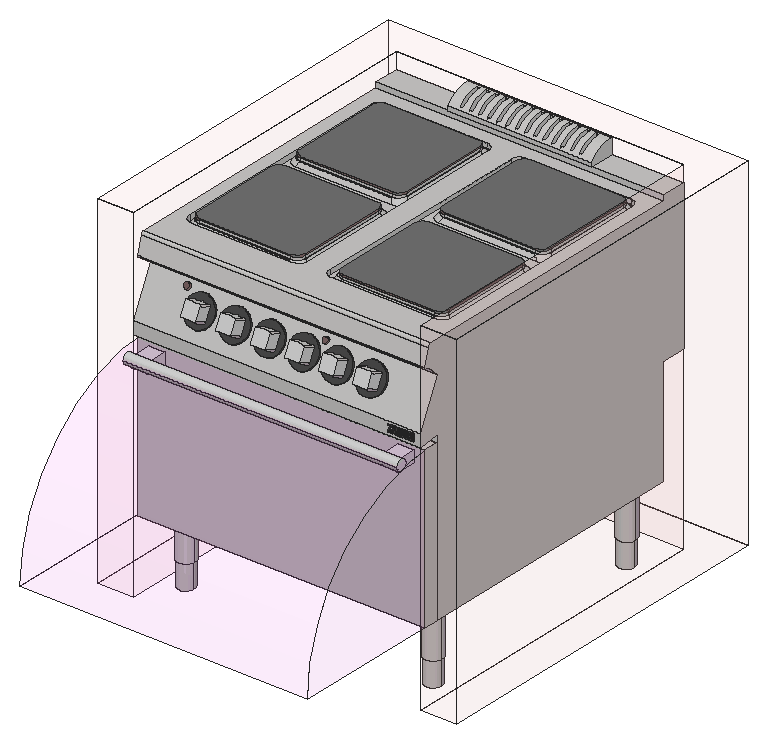
Revit family "QF_ZANUSSI_392167_Z9ECEH4QEN", category Attrezzature speciali, Revit 2020
Family settings
  Quota connettore circolare = Usa diametro
  Tipo di parte = Normale
  Basato su piano di lavoro = No
  Sempre verticale = Sì
  Taglio con vuoti quando caricato = No
  Condiviso = No
  Punto di calcolo locali = No
Parameters (values of type "Standard")
  Weight = 145.00 kg
  Watts = 22000 W
  Volts = 230 V
  URL Manufacturer = "http://www.zanussiprofessional.com"
  URL = "http://www.zanussiprofessional.com"
  Steam Supply Size = 0 mm
  Steam Supply Minimum Pressure = 0.0 Pa
  Steam Supply Maximum Pressure = 0.0 Pa
  Steam Consumption per Hour = 0
  Show Logo [instance] = yes
  Show Clearance [instance] = yes
  Refrigeration Suction Line Size = 0 mm
  Refrigeration Liquid Line Size = 0 mm
  Refrigerant Compressor Remote = yes
  Prospetto di default = 0 mm
  Produttore = "Zanussi"
  Phase = 3
  Modello = "Z9ECEH4QEN"
  Length Actual = 800 mm  # constant formula
  Item Number = "392167"
  Hot Water Size = 0 mm
  Height Actual = 850 mm  # constant formula
  HP = "29.5 HP"
  Gas Size = 0 mm
  Gas KW = 0
  Gas Input Pressure = 0 W
  Direct Waste Size = 0 mm
  Descrizione = "4-HOT PLATE ELEC.RANGE+OVEN 800 MM-230V"
  Depth Actual = 900 mm  # constant formula
  Cycle = 50 Hz
  Condensate Return Size = 0 mm
  Compressed Air Volume = 0.0 L/s
  Compressed Air Size = 0 mm
  Compressed Air Pressure = 0.0 Pa
  Cold Water Size = 0 mm
  Accessory = yes
Reference planes
  plane 1 "Back": y = 0
  plane 2: z = 0
  plane 3 "Left": x = 0
  plane 4: x = 800
  plane 5: x = 900
  plane 6: x = -100
  plane 7: y = 100
  plane 8: x = 400
  plane 9: y = -915
  plane 10: y = -802
  plane 11: y = -128
  plane 12: z = 850
Forms (mm)
  Extrusion 1, solid, material "QF_Finishes_Clearance", visible <- "Show Clearance"
    sketch origin (0, 0, 0) x (1, 0, 0) y (0, 1, 0)
      loop
        line (-100, -915) -> (0, -915) -> (0, 0) -> (800, 0) -> (800, -915) -> (900, -915) -> (900, 100) -> (-100, 100) -> (-100, -915)
    from 0 to 960
  Extrusion 2, solid, material "QF_Finishes_Stainless Steel"
    sketch origin (0, 0, 51) x (0, 1, 0) y (0, 0, 1)
      loop
        line (0, 449) -> (0, 864) -> (-69.85, 864) -> (-69.85, 849) -> (-879.358, 849)
        arc (-879.358, 849) -> (-884.643, 846.811) -> (-886.833, 841.526) r 7.474
        line (-886.833, 841.526) -> (-899.884, 796.011)
        arc (-899.884, 796.011) -> (-899.396, 793.379) -> (-897, 792.184) r 3
        line (-897, 792.184) -> (-886.802, 792.184) -> (-854.982, 760.364) -> (-915, 639.508) -> (-915, 604.508) -> (-858.645, 612.428)
        arc (-858.645, 612.428) -> (-856.101, 611.674) -> (-855, 609.259) r 3.2
        line (-855, 609.259) -> (-855, 148) -> (-71, 148) -> (-71, 449) -> (0, 449)
    from 0 to 800
  Extrusion 3, void
    sketch origin (400.525, -3.865, 900) x (1, 0, 0) y (0, -1, 0)
      loop
        arc (-60.425, 104.885) -> (-42.464, 112.324) -> (-35.025, 130.285) r 25.4
        line (-35.025, 130.285) -> (-35.025, 759.845)
        arc (-35.025, 759.845) -> (-42.464, 777.805) -> (-60.425, 785.245) r 25.4
        line (-60.425, 785.245) -> (-339.575, 785.245)
        arc (-339.575, 785.245) -> (-357.536, 777.805) -> (-364.975, 759.845) r 25.4
        line (-364.975, 759.845) -> (-364.975, 130.285)
        arc (-364.975, 130.285) -> (-357.536, 112.324) -> (-339.575, 104.885) r 25.4
        line (-339.575, 104.885) -> (-60.425, 104.885)
    from 0 to 12.7
  Revolve 4, solid, material "QF_Finishes_Door Clearance", visible <- "Show Clearance"
    sketch origin (0, -863.75, 50) x (1, 0, 0) y (0, 0, 1)
      loop
        line (0, 594) -> (0, 149) -> (800, 149) -> (800, 594) -> (0, 594)
      axis (800, 149) -> (0, 149)
    angle from 0 to -90
  Extrusion 5, solid, material "QF_Finishes_Stainless Steel"
    sketch origin (0, 0, 50) x (0, 1, 0) y (0, 0, 1)
      loop
        line (-860, 149) -> (-860, 594) -> (-900, 594) -> (-900, 149) -> (-860, 149)
    from 0 to 800
  Extrusion 6, solid, material "QF_Finishes_Stainless Steel"
    sketch origin (1046.332, -569.286, 197) x (1, 0, 0) y (0, 1, 0)
      loop
        line (-302.282, -178.714) -> (-302.282, -198.714) -> (-282.282, -198.714) -> (-282.282, -178.714) -> (-302.282, -178.714)
    from 0 to 2
  Extrusion 7, void
    sketch origin (399.475, -3.865, 899.031) x (1, 0, 0) y (0, -1, 0)
      loop
        line (50.925, 104.885) -> (339.575, 104.885)
        arc (339.575, 104.885) -> (357.536, 112.324) -> (364.975, 130.285) r 25.4
        line (364.975, 130.285) -> (364.975, 759.845)
        arc (364.975, 759.845) -> (357.536, 777.805) -> (339.575, 785.245) r 25.4
        line (339.575, 785.245) -> (50.925, 785.245)
        arc (50.925, 785.245) -> (32.964, 777.805) -> (25.525, 759.845) r 25.4
        line (25.525, 759.845) -> (25.525, 130.285)
        arc (25.525, 130.285) -> (32.964, 112.324) -> (50.925, 104.885) r 25.4
    from -0.969 to 11.731
Cuts and joins
  Extrusion 3, Extrusion 7 cuts Extrusion 2
Dimensions and locks
  plane 3 "Left" to plane 4 = 800 mm
  plane 1 "Back" to plane 7 = 100 mm
  plane 4 to plane 5 = 100 mm
  plane 6 to plane 3 "Left" = 100 mm
  equal spacing: plane 3 "Left", plane 8, plane 4
  plane 1 "Back" to plane 9 = 915 mm
  plane 1 "Back" to plane 11 to plane 10 to Extrusion 1 = 128 mm, 674 mm, 113 mm
  plane 12 to level = 850 mm
  cut or joined group of Extrusion 2, Extrusion 3, Extrusion 7 to level = 900 mm
  aligned and locked: level to plane 2
Automatic sketch dimensions
  Extrusion 1 sketch curve to plane 6 = 0 mm
  Extrusion 1 sketch curve to plane 3 "Left" = 0 mm
  plane 1 "Back" to Extrusion 1 sketch curve = 0 mm
  Extrusion 1 sketch curve to plane 4 = 0 mm
  Extrusion 1 sketch curve to plane 5 = 0 mm
  Extrusion 1 sketch curve to plane 9 = 0 mm  (x2)
  Extrusion 1 sketch curve to plane 7 = 0 mm
  Extrusion 2 sketch curve to plane 9 = 0 mm
  Extrusion 2 sketch curve to plane 1 "Back" = 0 mm
  plane 12 to Extrusion 2 sketch curve = 2.989 mm
  plane 9 to Extrusion 2 sketch curve = 15.116 mm
  Extrusion 2 sketch curve to Extrusion 2 sketch curve = 2.884 mm
  plane 9 to Extrusion 2 sketch curve = 28.167 mm
  plane 12 to Extrusion 2 sketch curve = 6.816 mm
  Extrusion 2 sketch curve to Extrusion 2 sketch curve = 10.198 mm
  Extrusion 2 sketch curve to Extrusion 2 sketch curve = 7.474 mm
  plane 9 to Extrusion 2 sketch curve = 56.355 mm
  Extrusion 2 sketch curve to Extrusion 2 sketch curve = 0.445 mm
  Extrusion 2 sketch curve to plane 10 = 53 mm
  Extrusion 2 sketch curve to Extrusion 2 sketch curve = 31.82 mm
  plane 11 to Extrusion 2 sketch curve = 57 mm
  plane 11 to Extrusion 2 sketch curve = 58.15 mm
  plane 12 to Extrusion 2 sketch curve = 38.636 mm
  Extrusion 2 sketch curve to Extrusion 2 sketch curve = 120.856 mm
  Extrusion 2 sketch curve to Extrusion 2 sketch curve = 27.08 mm
  Extrusion 2 sketch curve to Extrusion 2 sketch curve = 35 mm
  plane 12 to Extrusion 2 sketch curve = 350 mm
  level to Extrusion 2 sketch curve = 199 mm
  Extrusion 2 sketch curve to plane 12 = 42.526 mm
  Extrusion 2 sketch curve to Extrusion 2 sketch curve = 15 mm
  plane 3 "Left" to Extrusion 3 sketch curve = 35.55 mm
  plane 10 to Extrusion 3 sketch curve = 12.89 mm
  Extrusion 3 sketch curve to Extrusion 3 sketch curve = 25.4 mm  (x3)
  plane 11 to Extrusion 3 sketch curve = 19.25 mm
  Extrusion 3 sketch curve to plane 11 = 6.15 mm
  Extrusion 3 sketch curve to plane 8 = 59.9 mm
  Extrusion 3 sketch curve to Extrusion 3 sketch curve = 0 mm
  Revolve 4 sketch curve to plane 3 "Left" = 0 mm
  plane 4 to Revolve 4 sketch curve = 0 mm
  level to Revolve 4 sketch curve = 199 mm  (x2)
  plane 12 to Revolve 4 sketch curve = 206 mm
  plane 6 to Revolve 4 sketch curve = 140 mm
  plane 8 to Revolve 4 sketch curve = 160 mm
  plane 9 to Extrusion 5 sketch curve = 15 mm
  Extrusion 5 sketch curve to Extrusion 5 sketch curve = 40 mm
  level to Extrusion 5 sketch curve = 199 mm
  plane 12 to Extrusion 5 sketch curve = 206 mm
  plane 4 to Extrusion 6 sketch curve = 55.95 mm
  Extrusion 6 sketch curve to Extrusion 6 sketch curve = 20 mm  (x2)
  plane 10 to Extrusion 6 sketch curve = 34 mm
  plane 8 to Extrusion 7 sketch curve = 25 mm
  plane 10 to Extrusion 7 sketch curve = 12.89 mm
  Extrusion 7 sketch curve to Extrusion 7 sketch curve = 25.4 mm  (x2)
  plane 11 to Extrusion 7 sketch curve = 19.25 mm
  plane 4 to Extrusion 7 sketch curve = 60.95 mm  (x2)
  Extrusion 7 sketch curve to plane 11 = 6.15 mm
Nested families
  nested 1: "SQUARE_HOT-PLATES_300" at (40.525, -113.898, 887.3), type "SQUARE_HOT-PLATES_300"
    with Specification by User "", Revision Code "", Item Number "", Installed By "", Identify Quantity as Lot yes, Furnished By "", Foodservice Equipment Identifier yes
  nested 2: "SQUARE_HOT-PLATES_300" at (40.525, -785.872, 887.3), type "SQUARE_HOT-PLATES_300"
    with Specification by User "", Revision Code "", Item Number "", Installed By "", Identify Quantity as Lot yes, Furnished By "", Foodservice Equipment Identifier yes
  nested 3: "Uscita_Fumi" at (400, -34.925, 915), type "Uscita_Fumi"
  nested 4: "SQUARE_HOT-PLATES_300" at (759.475, -113.898, 887.3) x (-1, 0, 0) z (0, 0, 1), type "SQUARE_HOT-PLATES_300"
    with Specification by User "", Revision Code "", Item Number "", Installed By "", Identify Quantity as Lot yes, Furnished By "", Foodservice Equipment Identifier yes
  nested 5: "SQUARE_HOT-PLATES_300" at (759.475, -785.872, 887.3) x (-1, 0, 0) z (0, 0, 1), type "SQUARE_HOT-PLATES_300"
    with Specification by User "", Revision Code "", Item Number "", Installed By "", Identify Quantity as Lot yes, Furnished By "", Foodservice Equipment Identifier yes
  nested 6: "CONTROLLER_XP-ZAN" at (211.04, -882.317, 756.321) x (1, 0, 0) z (0, -0.8956, 0.4448), type "CONTROLLER_XP-ZAN"
  nested 7: "CONTROLLER_XP-ZAN" at (206.46, -882.317, 756.321) x (-1, 0, 0) z (0, -0.8956, 0.4448), type "CONTROLLER_XP-ZAN"
  nested 8: "CONTROLLER_XP-ZAN" at (586.46, -882.317, 756.321) x (-1, 0, 0) z (0, -0.8956, 0.4448), type "CONTROLLER_XP-ZAN"
  nested 9: "CONTROLLER_XP-ZAN" at (593.54, -882.317, 756.321) x (1, 0, 0) z (0, -0.8956, 0.4448), type "CONTROLLER_XP-ZAN"
  nested 10: "SPIA_RED" at (110, -863.534, 794.143) x (1, 0, 0) z (0, -0.8956, 0.4448), type "SPIA_RED"
  nested 11: "SPIA_RED" at (495.83, -863.534, 794.143) x (1, 0, 0) z (0, -0.8956, 0.4448), type "SPIA_RED"
  nested 12: "CONTROLLER_XP-ZAN" at (405.2, -882.317, 756.321) x (1, 0, 0) z (0, -0.8956, 0.4448), type "CONTROLLER_XP-ZAN"
  nested 13: "CONTROLLER_XP-ZAN" at (398.12, -882.317, 756.321) x (-1, 0, 0) z (0, -0.8956, 0.4448), type "CONTROLLER_XP-ZAN"
  nested 14: "ZANUSSI_Logo" at (749.92, -915, 723) x (1, 0, 0) z (0, -1, 0), Show Logo <- "Show Logo", visible <- "Show Logo", type "ZANUSSI_Logo"
    with Show Logo yes
  nested 15: "MANIGLIA 760" at (400, -900, 616.5) x (1, 0, 0) z (0, -1, 0), type "MANIGLIA 760"
  nested 16: "Piedino 50xH200_par" at (56, -127.993, 0), type "Piedino 50xH200_par"
    with H 200 mm
  nested 17: "Piedino 50xH200_par" at (744, -127.993, 0), type "Piedino 50xH200_par"
    with H 200 mm
  nested 18: "Piedino 50xH200_par" at (744, -801.993, 0), type "Piedino 50xH200_par"
    with H 200 mm
  nested 19: "Piedino 50xH200_par" at (56, -801.993, 0), type "Piedino 50xH200_par"
    with H 200 mm
Connectors
  electrical at (754.05, -758, 197), driven by "Volts"
    settings: on Extrusion 6, index 12, voltage 230 V, apparent load 0 VA, apparent load phase1 0 VA, apparent load phase2 0 VA, apparent load phase3 0 VA, power factor 1, load classification "Altro", number of poles 1, system type 30, power factor state 1, is connector primary yes, connector utility no, sub classification motor no, connector description "Electrical Connection"
Definition of nested family "SQUARE_HOT-PLATES_300"
  Parameters (values of type "SQUARE_HOT-PLATES_300")
    Width = 320 mm  # constant formula
    Weight in Pounds = 0
    URL Cutsheet = ""
    URL = ""
    Type Mark [instance] = ""
    Specification by User [instance] = ""
    Specification by Manufacturer = ""
    Serial Number = ""
    Seismic Rating = ""
    SMACNA No = ""
    Revision Code [instance] = ""
    Default Elevation = 0 mm
    Omniclass Number and Title = ""
    NAFEM Spec ID Number = ""
    Model = ""
    Masterspec = ""
    Manufacturer = ""
    Item Number [instance] = ""
    Installed By [instance] = ""
    Identify Quantity as Lot [instance] = yes
    Height = 23 mm  # constant formula
    Furnished By [instance] = ""
    Foodservice Equipment Identifier [instance] = yes
    Description = ""
    Depth = 320 mm  # constant formula
    CSI MasterFormat = ""
    CSI Master Format = ""
    Assembly Code = ""
  Reference planes
    plane 1 "BACK": y = 0
    plane 2: z = 0
    plane 3 "LEFT": x = 0
    plane 4 "RIGHT": x = 320
    plane 5 "FRONT": y = -320
    plane 6 "TOP": z = 23
    plane 7 "Center Y": x = 160
    plane 8 "Center X": y = -160
  Forms (mm)
    Extrusion 1, solid
      sketch origin (-72.525, 113.875, 19.181) x (1, 0, 0) y (0, 1, 0)
        loop
          arc (82.823, -400.573) -> (89.325, -416.271) -> (105.023, -422.773) r 22.2
          line (105.023, -422.773) -> (359.223, -422.773)
          arc (359.223, -422.773) -> (374.921, -416.271) -> (381.423, -400.573) r 22.2
          line (381.423, -400.573) -> (381.423, -146.373)
          arc (381.423, -146.373) -> (374.921, -130.675) -> (359.223, -124.173) r 22.2
          line (359.223, -124.173) -> (105.023, -124.173)
          arc (105.023, -124.173) -> (89.325, -130.675) -> (82.823, -146.373) r 22.2
          line (82.823, -146.373) -> (82.823, -400.573)
      from 0 to 3.819
    Blend 2, solid
      base sketch origin (-72.525, 113.875, 0) x (1, 0, 0) y (0, 1, 0)
        loop
          arc (97.925, -113.875) -> (79.964, -121.314) -> (72.525, -139.275) r 25.4
          line (72.525, -139.275) -> (72.525, -408.475)
          arc (72.525, -408.475) -> (79.964, -426.436) -> (97.925, -433.875) r 25.4
          line (97.925, -433.875) -> (367.125, -433.875)
          arc (367.125, -433.875) -> (385.086, -426.436) -> (392.525, -408.475) r 25.4
          line (392.525, -408.475) -> (392.525, -139.275)
          arc (392.525, -139.275) -> (385.086, -121.314) -> (367.125, -113.875) r 25.4
          line (367.125, -113.875) -> (97.925, -113.875)
      top sketch origin (-72.525, 113.875, 0) x (1, 0, 0) y (0, 1, 0)
        loop
          line (105.023, -425.973) -> (359.223, -425.973)
          arc (359.223, -425.973) -> (377.183, -418.533) -> (384.623, -400.573) r 25.4
          line (384.623, -400.573) -> (384.623, -146.373)
          arc (384.623, -146.373) -> (377.183, -128.412) -> (359.223, -120.973) r 25.4
          line (359.223, -120.973) -> (105.023, -120.973)
          arc (105.023, -120.973) -> (87.062, -128.412) -> (79.623, -146.373) r 25.4
          line (79.623, -146.373) -> (79.623, -400.573)
          arc (79.623, -400.573) -> (87.062, -418.533) -> (105.023, -425.973) r 25.4
      from 0 to 11.731
    Extrusion 3, solid
      sketch origin (-72.525, 113.875, 11.731) x (1, 0, 0) y (0, 1, 0)
        loop
          line (105.023, -422.773) -> (359.223, -422.773)
          arc (359.223, -422.773) -> (374.921, -416.271) -> (381.423, -400.573) r 22.2
          line (381.423, -400.573) -> (381.423, -146.373)
          arc (381.423, -146.373) -> (374.921, -130.675) -> (359.223, -124.173) r 22.2
          line (359.223, -124.173) -> (105.023, -124.173)
          arc (105.023, -124.173) -> (89.325, -130.675) -> (82.823, -146.373) r 22.2
          line (82.823, -146.373) -> (82.823, -400.573)
          arc (82.823, -400.573) -> (89.325, -416.271) -> (105.023, -422.773) r 22.2
      from 0 to 7.45
  Lines and regions (mm)
    symbolic lines
      curve 1: arc (0, -25.4, 0) -> (7.439, -7.439, 0) -> (25.4, 0, 0) r 25.4
      curve 2: line (25.4, 0, 0) -> (294.6, 0, 0)
      curve 3: arc (294.6, 0, 0) -> (312.561, -7.439, 0) -> (320, -25.4, 0) r 25.4
      curve 4: line (320, -25.4, 0) -> (320, -294.6, 0)
      curve 5: line (0, -294.6, 0) -> (0, -25.4, 0)
      curve 6: arc (25.4, -320, 0) -> (7.439, -312.561, 0) -> (0, -294.6, 0) r 25.4
      curve 7: line (294.6, -320, 0) -> (25.4, -320, 0)
      curve 8: arc (320, -294.6, 0) -> (312.561, -312.561, 0) -> (294.6, -320, 0) r 25.4
      curve 9: line (286.698, -7.098, 0) -> (32.498, -7.098, 0)
      curve 10: arc (32.498, -7.098, 0) -> (14.537, -14.537, 0) -> (7.098, -32.498, 0) r 25.4
      curve 11: line (7.098, -32.498, 0) -> (7.098, -286.698, 0)
      curve 12: arc (7.098, -286.698, 0) -> (14.537, -304.658, 0) -> (32.498, -312.098, 0) r 25.4
      curve 13: line (32.498, -312.098, 0) -> (286.698, -312.098, 0)
      curve 14: arc (286.698, -312.098, 0) -> (304.658, -304.658, 0) -> (312.098, -286.698, 0) r 25.4
      curve 15: line (312.098, -286.698, 0) -> (312.098, -32.498, 0)
      curve 16: arc (312.098, -32.498, 0) -> (304.658, -14.537, 0) -> (286.698, -7.098, 0) r 25.4
      curve 17: line (286.698, -10.298, 0) -> (32.498, -10.298, 0)
      curve 18: arc (32.498, -10.298, 0) -> (16.8, -16.8, 0) -> (10.298, -32.498, 0) r 22.2
      curve 19: line (10.298, -32.498, 0) -> (10.298, -286.698, 0)
      curve 20: arc (10.298, -286.698, 0) -> (16.8, -302.396, 0) -> (32.498, -308.898, 0) r 22.2
      curve 21: line (32.498, -308.898, 0) -> (286.698, -308.898, 0)
      curve 22: arc (286.698, -308.898, 0) -> (302.396, -302.396, 0) -> (308.898, -286.698, 0) r 22.2
      curve 23: line (308.898, -286.698, 0) -> (308.898, -32.498, 0)
      curve 24: arc (308.898, -32.498, 0) -> (302.396, -16.8, 0) -> (286.698, -10.298, 0) r 22.2
  Dimensions and locks
    equal spacing: plane 3 "LEFT", plane 7 "Center Y", plane 4 "RIGHT"
    "Width": plane 3 "LEFT" to plane 4 "RIGHT"
    equal spacing: plane 5 "FRONT", plane 8 "Center X", plane 1 "BACK"
    "Depth": plane 5 "FRONT" to plane 1 "BACK"
    plane 1 "BACK" to plane 5 "FRONT" = 320 mm
    "Height": plane 6 "TOP" to level
    aligned and locked: level to plane 2
  Automatic sketch dimensions
    Blend 2 sketch curve to plane 3 "LEFT" = 0 mm
    plane 1 "BACK" to Blend 2 sketch curve = 0 mm
    plane 5 "FRONT" to Blend 2 sketch curve = 0 mm
    Blend 2 sketch curve to plane 4 "RIGHT" = 0 mm
    plane 3 "LEFT" to Blend 2 sketch curve = 25.4 mm  (x2)
    Blend 2 sketch curve to plane 4 "RIGHT" = 25.4 mm  (x2)
    plane 3 "LEFT" to Blend 2 sketch curve = 7.098 mm
    plane 1 "BACK" to Blend 2 sketch curve = 7.098 mm
    plane 3 "LEFT" to Blend 2 sketch curve = 32.498 mm
    Blend 2 sketch curve to Blend 2 sketch curve = 25.4 mm
    Blend 2 sketch curve to plane 5 "FRONT" = 7.902 mm
    Blend 2 sketch curve to plane 4 "RIGHT" = 33.302 mm  (x2)
    Blend 2 sketch curve to plane 4 "RIGHT" = 7.902 mm
    Extrusion 3 sketch curve to Extrusion 3 sketch curve = 22.2 mm
    Extrusion 3 sketch curve to Blend 2 = 25.4 mm
    Extrusion 1 sketch curve to Extrusion 3 = 22.2 mm
    Extrusion 1 sketch curve to Extrusion 1 sketch curve = 22.2 mm
    curve 1 to plane 3 "LEFT" = 0 mm
    plane 1 "BACK" to curve 1 = 0 mm
    plane 3 "LEFT" to curve 1 = 25.4 mm
    curve 2 to plane 4 "RIGHT" = 25.4 mm
    curve 3 to plane 4 "RIGHT" = 0 mm
    curve 4 to plane 5 "FRONT" = 25.4 mm
    curve 5 to plane 5 "FRONT" = 25.4 mm
    plane 5 "FRONT" to curve 6 = 0 mm
    plane 3 "LEFT" to curve 11 = 7.098 mm
    curve 6 to curve 13 = 7.098 mm
    plane 1 "BACK" to curve 10 = 7.098 mm
    curve 1 to curve 10 = 7.098 mm
    curve 14 to curve 7 = 7.902 mm
    curve 16 to curve 3 = 7.902 mm
    curve 16 to plane 4 "RIGHT" = 7.902 mm
    curve 13 to plane 5 "FRONT" = 7.902 mm
    curve 10 to curve 18 = 0 mm  (x2)
    curve 12 to curve 20 = 0 mm  (x2)
    curve 14 to curve 22 = 0 mm  (x2)
    curve 16 to curve 24 = 0 mm
    curve 10 to curve 19 = 3.2 mm
    radius of Extrusion 3 sketch curve to Blend 2 = 3.2 mm  (x2)
    radius of Extrusion 1 sketch curve to Extrusion 3 = 0 mm  (x2)
Definition of nested family "Uscita_Fumi"
  Parameters (values of type "Uscita_Fumi")
    Default Elevation = 1219.2 mm
  Reference planes
    plane 1 "Centro (Fronte/Retro)": y = 0
    plane 2: z = 0
    plane 3 "Centro (Sinistra/Destra)": x = 0
  Forms (mm)
    Extrusion 1, solid
      sketch origin (0, 0, 0) x (1, 0, 0) y (0, 1, 0)
        loop
          line (-1219.2, 1219.2) -> (-1219.2, -1219.2) -> (1219.2, -1219.2) -> (1219.2, 1219.2) -> (-1219.2, 1219.2)
      from 0 to -304.8
    Extrusion 2, solid
      sketch origin (-200, 34.925, -289.638) x (0, 1, 0) y (0, 0, 1)
        loop
          line (0, 289.638) -> (0, 331.738)
          arc (0, 331.738) -> (-38.857, 324.552) -> (-69.85, 300.038) r 82.056
          line (-69.85, 300.038) -> (-69.85, 289.638) -> (0, 289.638)
      from 0 to 400
    Extrusion 3, void
      sketch origin (-200, 34.925, -15) x (0, -1, 0) y (1, 0, 0)
        loop
          line (6.761, 29.703) -> (63.911, 29.703) -> (63.911, 38.999) -> (6.761, 38.999) -> (6.761, 29.703)
        loop
          line (63.911, 64.487) -> (6.761, 64.487) -> (6.761, 55.191) -> (63.911, 55.191) -> (63.911, 64.487)
        loop
          line (63.911, 89.975) -> (6.761, 89.975) -> (6.761, 80.68) -> (63.911, 80.68) -> (63.911, 89.975)
        loop
          line (63.911, 115.464) -> (6.761, 115.464) -> (6.761, 106.168) -> (63.911, 106.168) -> (63.911, 115.464)
        loop
          line (63.911, 140.952) -> (6.761, 140.952) -> (6.761, 131.656) -> (63.911, 131.656) -> (63.911, 140.952)
        loop
          line (63.911, 166.44) -> (6.761, 166.44) -> (6.761, 157.145) -> (63.911, 157.145) -> (63.911, 166.44)
        loop
          line (63.911, 191.929) -> (6.761, 191.929) -> (6.761, 182.633) -> (63.911, 182.633) -> (63.911, 191.929)
        loop
          line (63.911, 217.417) -> (6.761, 217.417) -> (6.761, 208.121) -> (63.911, 208.121) -> (63.911, 217.417)
        loop
          line (63.911, 242.905) -> (6.761, 242.905) -> (6.761, 233.61) -> (63.911, 233.61) -> (63.911, 242.905)
        loop
          line (63.911, 268.394) -> (6.761, 268.394) -> (6.761, 259.098) -> (63.911, 259.098) -> (63.911, 268.394)
        loop
          line (63.911, 293.882) -> (6.761, 293.882) -> (6.761, 284.586) -> (63.911, 284.586) -> (63.911, 293.882)
        loop
          line (63.911, 319.37) -> (6.761, 319.37) -> (6.761, 310.075) -> (63.911, 310.075) -> (63.911, 319.37)
        loop
          line (63.911, 344.859) -> (6.761, 344.859) -> (6.761, 335.563) -> (63.911, 335.563) -> (63.911, 344.859)
        loop
          line (63.911, 370.347) -> (6.761, 370.347) -> (6.761, 361.051) -> (63.911, 361.051) -> (63.911, 370.347)
      from 25.4 to 63.5
  Cuts and joins
    Extrusion 3 cuts Extrusion 2
  Dimensions and locks
    aligned and locked: plane 2 to Extrusion 1
    aligned and locked: level to Extrusion 1
Definition of nested family "CONTROLLER_XP-ZAN"
  Parameters (values of type "CONTROLLER_XP-ZAN")
    Default Elevation = 0 mm
  Reference planes
    plane 1 "Centro (Fronte/Retro)": y = 0
    plane 2: z = 0
    plane 3 "Centro (Sinistra/Destra)": x = 0
    plane 4: x = -51.067
    plane 5: x = 51.067
    plane 6: x = 93.481
    plane 7: x = -93.481
  Forms (mm)
    Extrusion 1, solid
      sketch origin (0, 0, 0) x (1, 0, 0) y (0, 1, 0)
        loop
          line (-1219.2, 1219.2) -> (-1219.2, -1219.2) -> (1219.2, -1219.2) -> (1219.2, 1219.2) -> (-1219.2, 1219.2)
      from 0 to -304.8
    Extrusion 2, solid
      sketch origin (-46.381, -48.923, 0) x (1, 0, 0) y (0, 1, 0)
        loop
          circle (-4.687, 48.923) r 42.414
      from 0 to 3.175
    Blend 3, solid
      base sketch origin (-46.381, -48.923, 3.175) x (1, 0, 0) y (0, 1, 0)
        loop
          line (-23.687, 25.923) -> (14.313, 25.923)
          arc (14.313, 25.923) -> (17.142, 27.095) -> (18.313, 29.923) r 4
          line (18.313, 29.923) -> (18.313, 66.519)
          arc (18.313, 66.519) -> (17.342, 69.132) -> (14.901, 70.476) r 4
          arc (14.901, 70.476) -> (-4.687, 71.923) -> (-24.275, 70.476) r 133.25
          arc (-24.275, 70.476) -> (-26.716, 69.132) -> (-27.687, 66.519) r 4
          line (-27.687, 66.519) -> (-27.687, 29.923)
          arc (-27.687, 29.923) -> (-26.515, 27.095) -> (-23.687, 25.923) r 4
      top sketch origin (-46.381, -48.923, 3.175) x (1, 0, 0) y (0, 1, 0)
        loop
          line (-25.687, 66.519) -> (-25.687, 29.923)
          arc (-25.687, 29.923) -> (-25.101, 28.509) -> (-23.687, 27.923) r 2
          line (-23.687, 27.923) -> (14.313, 27.923)
          arc (14.313, 27.923) -> (15.727, 28.509) -> (16.313, 29.923) r 2
          line (16.313, 29.923) -> (16.313, 66.519)
          arc (16.313, 66.519) -> (15.828, 67.825) -> (14.607, 68.498) r 2
          arc (14.607, 68.498) -> (-4.687, 69.923) -> (-23.981, 68.498) r 131.25
          arc (-23.981, 68.498) -> (-25.201, 67.825) -> (-25.687, 66.519) r 2
      from 0 to 33
  Lines and regions (mm)
    Split face 1
      outline origin (-46.381, -48.923, 36.175) x (1, 0, 0) y (0, 1, 0)
        loop
          line (-6.687, 69.908) -> (-6.687, 62.923) -> (-2.687, 62.923) -> (-2.687, 69.908)
  Dimensions and locks
    aligned and locked: plane 2 to Extrusion 1
    aligned and locked: level to Extrusion 1
Definition of nested family "SPIA_RED"
  Parameters
    Default Elevation = 1219.2 mm
  Reference planes
    plane 1 "Centro (Fronte/Retro)": y = 0
    plane 2: z = 0
    plane 3 "Centro (Sinistra/Destra)": x = 0
  Forms (mm)
    Extrusion 1, solid
      sketch origin (0, 0, 0) x (1, 0, 0) y (0, 1, 0)
        loop
          line (-1219.2, 1219.2) -> (-1219.2, -1219.2) -> (1219.2, -1219.2) -> (1219.2, 1219.2) -> (-1219.2, 1219.2)
      from 0 to -304.8
    Extrusion 2, solid
      sketch origin (-367.513, 69.533, 3.175) x (-1, 0, 0) y (0, 1, 0)
        loop
          circle (-367.513, -69.533) r 8
      from 0 to 3.175
  Dimensions and locks
    aligned and locked: plane 2 to Extrusion 1
    aligned and locked: level to Extrusion 1
Definition of nested family "ZANUSSI_Logo"
  Parameters (values of type "ZANUSSI_Logo")
    Show Logo [instance] = yes
    Default Elevation = 1219.2 mm
  Reference planes
    plane 1 "Center (Front/Back)": y = -49
    plane 2: z = 0
    plane 3 "Center (Left/Right)": x = -9.92
  Forms (mm)
    Extrusion 1, solid
      sketch origin (0, 0, 0) x (1, 0, 0) y (0, 1, 0)
        loop
          line (-1219.2, 1219.2) -> (-1219.2, -1219.2) -> (1219.2, -1219.2) -> (1219.2, 1219.2) -> (-1219.2, 1219.2)
      from 0 to -304.8
    Extrusion 2, solid, visible <- "Show Logo"
      sketch origin (106.353, -215.165, -50) x (1, 0, 0) y (0, 1, 0)
        loop
          line (-137.419, 156.48) -> (-137.419, 160.444) -> (-143.365, 160.444) -> (-137.419, 172.566) -> (-137.419, 175.851) -> (-147.274, 175.851) -> (-147.274, 172.226) -> (-142.063, 172.339) -> (-147.728, 160.444) -> (-147.728, 156.48) -> (-137.419, 156.48)
        loop
          line (-131.729, 163.73) -> (-129.463, 163.73) -> (-130.596, 172.54) -> (-131.729, 163.73)
        loop
          line (-132.748, 156.48) -> (-132.182, 160.218) -> (-128.897, 160.218) -> (-128.33, 156.48) -> (-124.252, 156.48) -> (-127.877, 175.851) -> (-133.315, 175.851) -> (-136.826, 156.48) -> (-132.748, 156.48)
        loop
          line (-123.75, 175.851) -> (-123.75, 156.48) -> (-120.238, 156.48) -> (-120.238, 169.281) -> (-116.953, 156.48) -> (-112.648, 156.48) -> (-112.648, 175.851) -> (-116.273, 175.851) -> (-116.273, 163.503) -> (-119.558, 175.851) -> (-123.75, 175.851)
        loop
          arc (-111.742, 161.27) -> (-106.896, 156.448) -> (-101.433, 160.558) r 5.22
          line (-101.433, 160.558) -> (-101.433, 175.851) -> (-105.398, 175.851) -> (-105.398, 161.464)
          arc (-105.398, 161.464) -> (-106.44, 160.263) -> (-107.777, 161.124) r 1.214
          line (-107.777, 161.124) -> (-107.777, 175.851) -> (-111.742, 175.851) -> (-111.742, 161.27)
        loop
          line (-94.069, 169.734) -> (-90.331, 169.734) -> (-90.269, 171.495)
          arc (-90.269, 171.495) -> (-90.53, 173.458) -> (-91.761, 175.009) r 3.719
          arc (-91.761, 175.009) -> (-95.38, 176.189) -> (-98.998, 175.009) r 6.139
          arc (-98.998, 175.009) -> (-100.474, 172.145) -> (-100.291, 168.927) r 6.125
          arc (-100.291, 168.927) -> (-99.079, 167.149) -> (-97.591, 165.594) r 13.068
          line (-97.591, 165.594) -> (-95.921, 164.113)
          arc (-95.921, 164.113) -> (-94.934, 163.275) -> (-94.167, 162.233) r 5.571
          arc (-94.167, 162.233) -> (-94.357, 160.41) -> (-96.143, 160.003) r 1.573
          arc (-96.143, 160.003) -> (-96.681, 160.547) -> (-96.911, 161.277) r 1.631
          arc (-96.911, 161.277) -> (-96.929, 161.791) -> (-96.911, 162.305) r 7.441
          arc (-96.911, 162.305) -> (-96.895, 162.791) -> (-96.911, 163.277) r 7.03
          line (-96.911, 163.277) -> (-100.866, 163.277)
          arc (-100.866, 163.277) -> (-100.828, 160.504) -> (-99.735, 157.955) r 7.131
          arc (-99.735, 157.955) -> (-94.571, 156.484) -> (-90.221, 159.633) r 6.148
          arc (-90.221, 159.633) -> (-90.141, 162.884) -> (-91.536, 165.823) r 7.021
          line (-91.536, 165.823) -> (-95.882, 169.734)
          arc (-95.882, 169.734) -> (-96.47, 170.472) -> (-96.785, 171.362) r 2.858
          arc (-96.785, 171.362) -> (-95.666, 172.959) -> (-94.069, 171.84) r 1.379
          line (-94.069, 171.84) -> (-94.069, 169.734)
        loop
          line (-82.771, 169.734) -> (-79.033, 169.734) -> (-78.971, 171.495)
          arc (-78.971, 171.495) -> (-79.232, 173.458) -> (-80.463, 175.009) r 3.719
          arc (-80.463, 175.009) -> (-84.081, 176.189) -> (-87.7, 175.009) r 6.139
          arc (-87.7, 175.009) -> (-89.175, 172.145) -> (-88.993, 168.927) r 6.125
          arc (-88.993, 168.927) -> (-87.781, 167.149) -> (-86.293, 165.594) r 13.068
          line (-86.293, 165.594) -> (-84.623, 164.113)
          arc (-84.623, 164.113) -> (-83.636, 163.275) -> (-82.869, 162.233) r 5.571
          arc (-82.869, 162.233) -> (-83.059, 160.41) -> (-84.845, 160.003) r 1.573
          arc (-84.845, 160.003) -> (-85.383, 160.547) -> (-85.613, 161.277) r 1.631
          arc (-85.613, 161.277) -> (-85.631, 161.791) -> (-85.613, 162.305) r 7.441
          arc (-85.613, 162.305) -> (-85.596, 162.791) -> (-85.613, 163.277) r 7.03
          line (-85.613, 163.277) -> (-89.568, 163.277)
          arc (-89.568, 163.277) -> (-89.53, 160.504) -> (-88.437, 157.955) r 7.131
          arc (-88.437, 157.955) -> (-83.272, 156.484) -> (-78.922, 159.633) r 6.148
          arc (-78.922, 159.633) -> (-78.843, 162.884) -> (-80.238, 165.823) r 7.021
          line (-80.238, 165.823) -> (-84.584, 169.734)
          arc (-84.584, 169.734) -> (-85.171, 170.472) -> (-85.486, 171.362) r 2.858
          arc (-85.486, 171.362) -> (-84.368, 172.959) -> (-82.771, 171.84) r 1.379
          line (-82.771, 171.84) -> (-82.771, 169.734)
        loop
          line (-78.21, 175.851) -> (-78.21, 156.48) -> (-74.245, 156.48) -> (-74.245, 175.851) -> (-78.21, 175.851)
      from 50 to 51.6
  Dimensions and locks
    aligned and locked: plane 2 to Extrusion 1
    aligned and locked: level to Extrusion 1
Definition of nested family "MANIGLIA 760"
  Parameters
    Default Elevation = 1219.2 mm
  Reference planes
    plane 1 "Centro (Fronte/Retro)": y = 0
    plane 2: z = 0
    plane 3 "Centro (Sinistra/Destra)": x = 0
    plane 4: x = 380.592
    plane 5: x = 370
    plane 6: x = 325
    plane 7: x = -325
    plane 8: x = -370
    plane 9: x = -381.476
  Forms (mm)
    Extrusion 1, solid
      sketch origin (0, 0, 0) x (1, 0, 0) y (0, 1, 0)
        loop
          line (-1219.2, 1219.2) -> (-1219.2, -1219.2) -> (1219.2, -1219.2) -> (1219.2, 1219.2) -> (-1219.2, 1219.2)
      from 0 to -304.8
    Extrusion 2, solid
      sketch origin (-0.442, -613.293, -899) x (0, 0, -1) y (0, 1, 0)
        loop
          circle (-957.462, 620.293) r 15
      from -381.034 to 381.034
    Extrusion 3, solid
      sketch origin (21.5, -613.293, -899) x (0, 0, -1) y (0, 1, 0)
        loop
          line (-899, 629.817) -> (-944.277, 627.444)
          arc (-944.277, 627.444) -> (-944.69, 612.427) -> (-957.915, 605.3) r 15
          arc (-957.915, 605.3) -> (-956.675, 601.227) -> (-952.748, 599.585) r 5
          line (-952.748, 599.585) -> (-899, 596.768) -> (-899, 629.817)
      from 303.5 to 348.5
    Extrusion 4, solid
      sketch origin (-21.5, -613.293, -899) x (0, 0, -1) y (0, 1, 0)
        loop
          line (-899, 629.817) -> (-944.277, 627.444)
          arc (-944.277, 627.444) -> (-944.69, 612.427) -> (-957.915, 605.3) r 15
          arc (-957.915, 605.3) -> (-956.675, 601.227) -> (-952.748, 599.585) r 5
          line (-952.748, 599.585) -> (-899, 596.768) -> (-899, 629.817)
      from -303.5 to -348.5
  Dimensions and locks
    Extrusion 2 to Extrusion 2 = 762.067 mm
    plane 9 to plane 8 to plane 7 to plane 3 "Centro (Sinistra/Destra)" to plane 6 to plane 5 to plane 4 = 11.476 mm locked, 45 mm locked, 325 mm, 325 mm, 45 mm locked, 10.592 mm locked
    aligned and locked: plane 2 to Extrusion 1
    aligned and locked: level to Extrusion 1
    aligned and locked: plane 4 to Extrusion 2
    aligned and locked: plane 5 to Extrusion 3
    aligned and locked: Extrusion 3 to plane 6
    aligned and locked: plane 7 to Extrusion 4
    aligned and locked: Extrusion 4 to plane 8
    aligned and locked: Extrusion 2 to plane 9
Definition of nested family "Piedino 50xH200_par"
  Parameters (values of type "Piedino 50xH200_par")
    Default Elevation = 0 mm
    H [instance] = 200 mm
  Reference planes
    plane 1 "Centro (Fronte/Retro)": y = 0
    plane 2: z = 0
    plane 3 "Centro (Sinistra/Destra)": x = 0
  Forms (mm)
    Revolve 1, solid
      sketch origin (55, 0, 0) x (-1, 0, 0) y (0, 0, -1)
        loop
          line (55, 0) -> (32.1, 0) -> (32.1, -69.05) -> (29.6, -69.05) -> (29.6, -200) -> (55, -200) -> (55, 0)
        axis (55, 0) -> (55, -200)
      angle from 0 to 360
  Dimensions and locks
    "H": Revolve 1 to plane 2
    aligned and locked: level to plane 2
  Automatic sketch dimensions
    Revolve 1 sketch curve to level = 0 mm
    Revolve 1 sketch curve to plane 3 "Centro (Sinistra/Destra)" = 0 mm  (x2)
    plane 3 "Centro (Sinistra/Destra)" to Revolve 1 sketch curve = 22.9 mm
    Revolve 1 sketch curve to Revolve 1 sketch curve = 2.5 mm
    level to Revolve 1 sketch curve = 69.05 mm
    Revolve 1 sketch curve to Revolve 1 sketch curve = 130.95 mm
    Revolve 1 sketch curve to Revolve 1 sketch curve = 0 mm
    Revolve 1 sketch curve to Revolve 1 sketch curve = 20 mm
